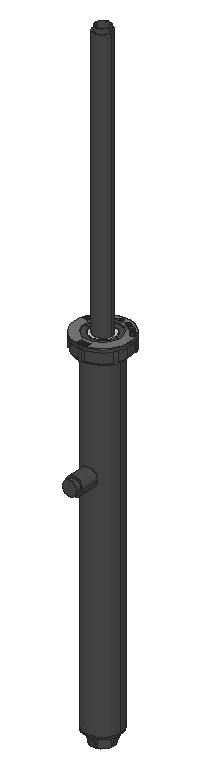
Revit family "Spray Bodies RD1800-S-P-30 Series", category Acessórios do tubo, Revit 2020
Family settings
  Cota do conector redondo = Utilizar diâmetro
  Tipo de parte = Normal
  Número OmniClass = 23.60.30.11.14
  Título OmniClass = Pipework Fittings
  Com base no plano de trabalho = Não
  Sempre na vertical = Sim
  Corte com vazios quando carregada = Não
  Compartilhado = Não
Parameters (values of type "RD1812-S-P-30")
  White Plastic = White Plastic
  URL = "https://www.rainbird.com/"
  SupportProjetos: Reviw Date = "15/11/2020"  # constant formula
  SupportProjetos: Reviw = "R01"  # constant formula
  SupportProjetos: Level of Detail = "LOD 300"  # constant formula
  SupportProjetos: Developed = "MICHEL SOARES MOTA"  # constant formula
  SupportProjetos: Creation Date = "13/07/2020"  # constant formula
  Side inlet = Model > 1805  # yes
  RainBird: Product Link = "https://store.rainbird.com/sprinklers/spray-heads.html?sprays_sprayheadseries=117"
  RainBird: Description = "Spray Bodies Serie ED1800 - Model RD1812-S-P-30"
  RainBird: Comment [instance] = ""
  RT = 0.3015 cm
  RN = 1 cm
  R5 = 1 cm
  R4 = 1.25 cm
  R3 = 2 cm
  R2 = 2.85 cm
  R1 = 1 cm
  R-VAN = yes
  Pop up height = 30.5 cm
  Pop up on [instance] = yes
  Modelo = "RD1812-S-P-P30"
  Model = 1812
  H1 = Body height / 3  # 13.5333 cm
  Elevação padrão = 0 cm
  Descrição = RainBird: Description  # "Spray Bodies Serie ED1800 - Model RD1812-S-P-30"
  DT8 = 0.08 cm
  DT7 = 3.05 cm
  DT6 = 2 cm
  DT5 = 0.12 cm
  DT4 = 0.5 cm
  DT3 = 0.7973 cm
  DT2 = 1 cm
  DT1 = 1.4 cm
  DD9 = 2 cm
  DD8 [instance] = if(Pop up on, Pop up height, 0 cm)  # 30.5 cm
  DD7 = 0.6 cm
  DD6 = 0.3 cm
  DD5 = 0.2 cm
  DD3 = 1.8 cm
  DD2 = 0.5 cm
  DD13 = 1.5 cm
  DD12 [instance] = if(Pop up on, Pop up height + 1.51 cm, 0 cm)  # 32.01 cm
  DD11 = 0.6254 cm
  DD10 = 2.5 cm
  DD1 = 1.2 cm
  Conection = 1.91 cm  # constant formula
  Body height = 40.6 cm
  Black Plastic 2 = Black Plastic 2
  Black Plastic = Black Plastic
  Arch Angle [instance] = 180.00°
  AA1 = 135.00°
  1812 = yes
  1806 = no
  1804 = no
  180 = no
Types (4, lengths in cm): name | Side inlet | RainBird: Description | Pop up height | Modelo | Model | H1 | Descrição | DD9 | DD8 | DD12 | DD11 | DD10 | Body height | 1812 | 1806 | 1804 | 180
  (no name) | yes | "Spray Bodies Serie ED1800 - Model RD1812-S-P-30" | 30.5 | "RD1812-S-P-P30" | 1812 | 13.5333 | "Spray Bodies Serie ED1800 - Model RD1812-S-P-30" | 2 | 30.5 | 32.01 | 0.6254 | 2.5 | 40.6 | yes | no | no | no
  RD1804-S-P-30 | no | "Spray Bodies Serie RD1800 - Model RD1804-S-P-30" | 10.2 | "RD1804-S-P-30" | 1804 | 5.0667 | "Spray Bodies Serie RD1800 - Model RD1804-S-P-30" | 1.3673 | 10.2 | 11.71 | 0.2 | 2.7818 | 15.2 | no | no | yes | yes
  RD1806-S-P-30 | yes | "Spray Bodies Serie RD1800 - Model RD1806-S-P-30" | 15.2 | "RD1806-S-P-30" | 1806 | 7.9333 | "Spray Bodies Serie RD1800 - Model RD1806-S-P-30" | 1.3673 | 15.2 | 16.71 | 0.1 | 2.7818 | 23.8 | no | yes | no | yes
  RD1812-S-P-30 | yes | "Spray Bodies Serie ED1800 - Model RD1812-S-P-30" | 30.5 | "RD1812-S-P-P30" | 1812 | 13.5333 | "Spray Bodies Serie ED1800 - Model RD1812-S-P-30" | 2 | 30.5 | 32.01 | 0.6254 | 2.5 | 40.6 | yes | no | no | no
Reference planes (cm)
  plane 1 "Centro (Frente/Trás)": y = 0
  plane 2: z = 0
  plane 3 "Centro (Esquerda/Direita)": x = 0
  plane 4: z = 0.12
  plane 5: z = 0.08
  plane 6: y = -2
Forms (cm)
  Revolve 1, solid, material "Black Plastic" <- "Black Plastic"
    sketch origin (0, 0, 0) x (1, 0, 0) y (0, 0, 1)
      loop
        line (2.85, -1.5672) -> (2.85, -0.3) -> (3.05, -0.3) -> (3.05, 0) -> (1.4, 0) -> (1.4, -1) -> (1, -1) -> (1, -30.5) -> (0.6, -30.5) -> (0.6, -39.4) -> (1, -39.4) -> (1, -40.6) -> (1.25, -40.6) -> (1.25, -39.4) -> (1.6985, -39.4)
        arc (1.6985, -39.4) -> (1.9117, -39.3117) -> (2, -39.0985) r 0.3015
        line (2, -39.0985) -> (2, -2.1015)
        arc (2, -2.1015) -> (2.0883, -1.8883) -> (2.3015, -1.8) r 0.3015
        line (2.3015, -1.8) -> (2.6172, -1.8) -> (2.85, -1.5672)
      axis (0, -40.6) -> (0, 0)
    angle from 0 to 360
  Extrusion 2, solid, material "Black Plastic" <- "Black Plastic"
    sketch origin (0, 0, 0) x (1, 0, 0) y (0, 1, 0)
      loop
        circle (0, 0) r 1
    from -30.5 to 30.5
  Extrusion 3, void
    sketch origin (0, 0, 0) x (1, 0, 0) y (0, 1, 0)
      loop
        circle (0, 0) r 1
      loop
        circle (0, 0) r 0.7973
    from 30 to 30.5
  Extrusion 4, solid, material "Black Plastic" <- "Black Plastic", visible <- "180"
    sketch origin (0, -2.5, 0) x (1, 0, 0) y (0, 1, 0)
      loop
        line (-2.231, 3.2135) -> (-2.1644, 3.3339) -> (-2.3679, 3.3844) -> (-2.2992, 3.5085) -> (-2.0365, 3.4904) -> (-1.9715, 3.608) -> (-2.2887, 3.6298) -> (-2.4263, 3.706) -> (-2.6398, 3.6445) -> (-2.8298, 3.3622) -> (-2.231, 3.2135)
      loop
        line (-2.6663, 3.4585) -> (-2.4339, 3.4008) -> (-2.3526, 3.5478) -> (-2.4178, 3.6107) -> (-2.5587, 3.5701) -> (-2.6663, 3.4585)
      loop
        line (-1.9163, 3.7039) -> (-1.8175, 3.8064) -> (-1.8808, 3.8933) -> (-1.7232, 4.0568) -> (-1.6371, 4.0092) -> (-1.5763, 4.1193) -> (-2.1283, 4.1963) -> (-2.2118, 4.1098) -> (-1.9163, 3.7039)
      loop
        line (-2.0723, 4.0915) -> (-1.9537, 3.9286) -> (-1.8139, 4.0736) -> (-2.0723, 4.0915)
      loop
        line (-1.8177, 4.5186) -> (-1.3486, 4.2146) -> (-1.2727, 4.2934) -> (-1.7417, 4.5974) -> (-1.8177, 4.5186)
      loop
        line (-1.1151, 4.372) -> (-1.0305, 4.4599) -> (-1.2636, 4.6846) -> (-0.7593, 4.6142) -> (-0.6667, 4.7103) -> (-1.0803, 5.0567) -> (-1.1605, 4.9984) -> (-0.8466, 4.7354) -> (-1.4131, 4.8145) -> (-1.5049, 4.7477) -> (-1.1151, 4.372)
      loop
        line (-0.4562, 4.9237) -> (-0.283, 4.8466) -> (-0.0843, 4.7934) -> (0, 4.9138) -> (0.2358, 4.8722) -> (0.2981, 4.9345) -> (0.116, 5.0156) -> (0.2085, 5.1477) -> (-0.0336, 5.3172) -> (-0.0336, 5.1849) -> (-0.0336, 5.0821) -> (-0.1724, 5.1439) -> (-0.2428, 5.1033) -> (-0.1476, 5.0081) -> (-0.274, 4.9621) -> (-0.4562, 4.9237)
      loop
        line (0.6147, 4.7728) -> (0.9327, 4.5929) -> (1.0885, 4.5721) -> (1.1808, 4.6694) -> (1.1317, 4.7723) -> (1.2619, 4.7549) -> (1.334, 4.8309) -> (1.2754, 4.9539) -> (0.9573, 5.1338) -> (0.6147, 4.7728)
      loop
        line (0.8462, 4.8897) -> (0.7501, 4.7884) -> (0.9556, 4.6722) -> (1.0744, 4.6732) -> (1.0734, 4.7801) -> (0.8462, 4.8897)
      loop
        line (0.9989, 5.0507) -> (0.9222, 4.9699) -> (1.1173, 4.8595) -> (1.2037, 4.8602) -> (1.1883, 4.9435) -> (0.9989, 5.0507)
      loop
        line (1.2199, 4.4305) -> (1.3171, 4.3754) -> (1.7079, 4.7092) -> (1.6106, 4.7642) -> (1.2199, 4.4305)
      loop
        line (1.9335, 4.5079) -> (1.472, 4.2878) -> (1.5637, 4.2008) -> (1.7245, 4.2775) -> (1.8813, 4.1484) -> (1.7689, 4.0299) -> (1.857, 3.9063) -> (1.985, 3.9976) -> (2.0031, 4.1334) -> (2.1114, 4.0951) -> (2.2369, 4.155) -> (2.156, 4.3246) -> (1.9335, 4.5079)
      loop
        line (1.9261, 4.4053) -> (1.8225, 4.3559) -> (1.9436, 4.2141) -> (2.1112, 4.2155) -> (2.0556, 4.3321) -> (1.9261, 4.4053)
      loop
        line (1.9557, 3.8215) -> (2.1968, 3.4836) -> (2.3925, 3.4143) -> (2.7137, 3.5675) -> (2.6804, 3.6964) -> (2.4921, 3.9603) -> (1.9557, 3.8215)
      loop
        line (2.1302, 3.7523) -> (2.2577, 3.5736) -> (2.4889, 3.5756) -> (2.5959, 3.652) -> (2.4629, 3.8384) -> (2.1302, 3.7523)
      loop
        line (-0.516, -0.0627) -> (-0.4245, -0.0627) -> (-0.4245, -0.3834) -> (-0.3366, -0.3834) -> (-0.3366, 0.1166) -> (-0.516, -0.0627)
      loop
        line (-0.2745, 0.1165) -> (-0.2745, -0.3834) -> (-0.0345, -0.3834) -> (-0.0345, 0.1165) -> (-0.2745, 0.1165)
      loop
        line (-0.1945, 0.0365) -> (-0.1945, -0.0861) -> (-0.1145, -0.0861) -> (-0.1145, 0.0365) -> (-0.1945, 0.0365)
      loop
        line (-0.1945, -0.1661) -> (-0.1945, -0.3034) -> (-0.1145, -0.3034) -> (-0.1145, -0.1661) -> (-0.1945, -0.1661)
      loop
        line (0.0395, 0.1165) -> (0.0395, -0.3834) -> (0.2795, -0.3834) -> (0.2795, 0.1165) -> (0.0395, 0.1165)
      loop
        line (0.1195, 0.0365) -> (0.1195, -0.3034) -> (0.1995, -0.3034) -> (0.1995, 0.0365) -> (0.1195, 0.0365)
    from 0 to 0.12
  Extrusion 5, solid, material "Black Plastic 2" <- "Black Plastic 2"
    sketch origin (0, 0, 0) x (1, 0, 0) y (0, 1, 0)
      loop
        circle (0, 0) r 3.05
      loop
        circle (0, 0) r 2
    from 0 to 0.08
  Extrusion 6, solid, material "Black Plastic" <- "Black Plastic", visible <- "Side inlet"
    sketch origin (0, 0, 0) x (1, 0, 0) y (0, 0, 1)
      loop
        circle (0, -13.5333) r 1
    from 2 to 4
  Extrusion 7, solid, material "Black Plastic" <- "Black Plastic", visible <- "Side inlet"
    sketch origin (0, 0, 0) x (1, 0, 0) y (0, 0, 1)
      loop
        circle (0, -13.5333) r 0.7964
    from 4 to 4.5
  Extrusion 8, void
    sketch origin (0, 0, 0) x (1, 0, 0) y (0, 1, 0)
      loop
        circle (0, 0) r 0.6963
    from -30.5 to 30.5
  Extrusion 9, solid, material "Black Plastic" <- "Black Plastic"
    sketch origin (0, 0, 0) x (0, 1, 0) y (0, 0, 1)
      loop
        line (1.25, -39.4) -> (1.25, -40.6) -> (1.75, -39.4) -> (1.25, -39.4)
      loop
        line (-1.25, -39.4) -> (-1.75, -39.4) -> (-1.25, -40.6) -> (-1.25, -39.4)
    from -0.3127 to 0.3127
  Extrusion 10, solid, material "Black Plastic" <- "Black Plastic"
    sketch origin (0, 0, 0) x (-1, 0, 0) y (0, 0, 1)
      loop
        line (1.25, -39.4) -> (1.25, -40.6) -> (1.75, -39.4) -> (1.25, -39.4)
      loop
        line (-1.25, -39.4) -> (-1.75, -39.4) -> (-1.25, -40.6) -> (-1.25, -39.4)
    from -0.3127 to 0.3127
  Extrusion 11, solid, material "Black Plastic" <- "Black Plastic", visible <- "1804"
    sketch origin (0.5778, -2.5, 0) x (1, 0, 0) y (0, 1, 0)
      loop
        line (-0.268, -0.156) -> (-0.108, -0.156) -> (-0.108, -0.3834) -> (-0.024, -0.3834) -> (-0.024, 0.1165) -> (-0.108, 0.1165) -> (-0.108, -0.0861) -> (-0.188, -0.0861) -> (-0.188, 0.1165) -> (-0.268, 0.1165) -> (-0.268, -0.156)
    from 0 to 0.12
  Extrusion 12, solid, material "Black Plastic" <- "Black Plastic", visible <- "1806"
    sketch origin (0.5778, -2.5, 0) x (1, 0, 0) y (0, 1, 0)
      loop
        line (-0.268, -0.3834) -> (-0.024, -0.3834) -> (-0.024, -0.0861) -> (-0.188, -0.0861) -> (-0.188, 0.0365) -> (-0.024, 0.0365) -> (-0.024, 0.1165) -> (-0.268, 0.1165) -> (-0.268, -0.3834)
      loop
        line (-0.188, -0.1661) -> (-0.188, -0.3034) -> (-0.108, -0.3034) -> (-0.108, -0.1661) -> (-0.188, -0.1661)
    from 0 to 0.12
  Extrusion 13, solid, material "Black Plastic" <- "Black Plastic", visible <- "1812"
    sketch origin (0, -2.5, 0) x (1, 0, 0) y (0, 1, 0)
      loop
        line (-2.231, 3.2135) -> (-2.1644, 3.3339) -> (-2.3679, 3.3844) -> (-2.2992, 3.5085) -> (-2.0365, 3.4904) -> (-1.9715, 3.608) -> (-2.2887, 3.6298) -> (-2.4263, 3.706) -> (-2.6398, 3.6445) -> (-2.8298, 3.3622) -> (-2.231, 3.2135)
      loop
        line (-2.6663, 3.4585) -> (-2.4339, 3.4008) -> (-2.3526, 3.5478) -> (-2.4178, 3.6107) -> (-2.5587, 3.5701) -> (-2.6663, 3.4585)
      loop
        line (-1.9163, 3.7039) -> (-1.8175, 3.8064) -> (-1.8808, 3.8933) -> (-1.7232, 4.0568) -> (-1.6371, 4.0092) -> (-1.5763, 4.1193) -> (-2.1283, 4.1963) -> (-2.2118, 4.1098) -> (-1.9163, 3.7039)
      loop
        line (-2.0723, 4.0915) -> (-1.9537, 3.9286) -> (-1.8139, 4.0736) -> (-2.0723, 4.0915)
      loop
        line (-1.8177, 4.5186) -> (-1.3486, 4.2146) -> (-1.2727, 4.2934) -> (-1.7417, 4.5974) -> (-1.8177, 4.5186)
      loop
        line (-1.1151, 4.372) -> (-1.0305, 4.4599) -> (-1.2636, 4.6846) -> (-0.7593, 4.6142) -> (-0.6667, 4.7103) -> (-1.0803, 5.0567) -> (-1.1605, 4.9984) -> (-0.8466, 4.7354) -> (-1.4131, 4.8145) -> (-1.5049, 4.7477) -> (-1.1151, 4.372)
      loop
        line (-0.4562, 4.9237) -> (-0.283, 4.8466) -> (-0.0843, 4.7934) -> (0, 4.9138) -> (0.2358, 4.8722) -> (0.2981, 4.9345) -> (0.116, 5.0156) -> (0.2085, 5.1477) -> (-0.0336, 5.3172) -> (-0.0336, 5.1849) -> (-0.0336, 5.0821) -> (-0.1724, 5.1439) -> (-0.2428, 5.1033) -> (-0.1476, 5.0081) -> (-0.274, 4.9621) -> (-0.4562, 4.9237)
      loop
        line (0.6147, 4.7728) -> (0.9327, 4.5929) -> (1.0885, 4.5721) -> (1.1808, 4.6694) -> (1.1317, 4.7723) -> (1.2619, 4.7549) -> (1.334, 4.8309) -> (1.2754, 4.9539) -> (0.9573, 5.1338) -> (0.6147, 4.7728)
      loop
        line (0.8462, 4.8897) -> (0.7501, 4.7884) -> (0.9556, 4.6722) -> (1.0744, 4.6732) -> (1.0734, 4.7801) -> (0.8462, 4.8897)
      loop
        line (0.9989, 5.0507) -> (0.9222, 4.9699) -> (1.1173, 4.8595) -> (1.2037, 4.8602) -> (1.1883, 4.9435) -> (0.9989, 5.0507)
      loop
        line (1.2199, 4.4305) -> (1.3171, 4.3754) -> (1.7079, 4.7092) -> (1.6106, 4.7642) -> (1.2199, 4.4305)
      loop
        line (1.9335, 4.5079) -> (1.472, 4.2878) -> (1.5637, 4.2008) -> (1.7245, 4.2775) -> (1.8813, 4.1484) -> (1.7689, 4.0299) -> (1.857, 3.9063) -> (1.985, 3.9976) -> (2.0031, 4.1334) -> (2.1114, 4.0951) -> (2.2369, 4.155) -> (2.156, 4.3246) -> (1.9335, 4.5079)
      loop
        line (1.9261, 4.4053) -> (1.8225, 4.3559) -> (1.9436, 4.2141) -> (2.1112, 4.2155) -> (2.0556, 4.3321) -> (1.9261, 4.4053)
      loop
        line (1.9557, 3.8215) -> (2.1968, 3.4836) -> (2.3925, 3.4143) -> (2.7137, 3.5675) -> (2.6804, 3.6964) -> (2.4921, 3.9603) -> (1.9557, 3.8215)
      loop
        line (2.1302, 3.7523) -> (2.2577, 3.5736) -> (2.4889, 3.5756) -> (2.5959, 3.652) -> (2.4629, 3.8384) -> (2.1302, 3.7523)
      loop
        line (-0.516, -0.0625) -> (-0.4245, -0.0625) -> (-0.4245, -0.3832) -> (-0.3366, -0.3832) -> (-0.3366, 0.1168) -> (-0.516, -0.0625)
      loop
        line (-0.2745, 0.1166) -> (-0.2745, -0.3832) -> (-0.0345, -0.3832) -> (-0.0345, 0.1166) -> (-0.2745, 0.1166)
      loop
        line (-0.1945, 0.0366) -> (-0.1945, -0.086) -> (-0.1145, -0.086) -> (-0.1145, 0.0366) -> (-0.1945, 0.0366)
      loop
        line (-0.1945, -0.166) -> (-0.1945, -0.3032) -> (-0.1145, -0.3032) -> (-0.1145, -0.166) -> (-0.1945, -0.166)
      loop
        line (0.2795, 0.1166) -> (0.1002, -0.0625) -> (0.1916, -0.0625) -> (0.1916, -0.3831) -> (0.2795, -0.3831) -> (0.2795, 0.1166)
      loop
        line (0.3097, 0.1165) -> (0.3097, 0.0365) -> (0.4697, 0.0365) -> (0.4697, -0.0861) -> (0.3097, -0.0861) -> (0.3097, -0.3834) -> (0.5537, -0.3834) -> (0.5537, -0.3032) -> (0.3897, -0.3032) -> (0.3897, -0.1664) -> (0.5537, -0.1664) -> (0.5537, 0.1165) -> (0.3097, 0.1165)
    from 0 to 0.12
  Extrusion 14, solid, material "Black Plastic" <- "Black Plastic"
    sketch origin (0, 0, 0) x (1, 0, 0) y (0, 1, 0)
      loop
        line (-0.1873, 3.0442) -> (-0.1873, 2.8126)
        arc (-0.1873, 2.8126) -> (0, 2.8188) -> (0.1873, 2.8126) r 2.8188
        line (0.1873, 2.8126) -> (0.1873, 3.0442)
        arc (0.1873, 3.0442) -> (0, 3.05) -> (-0.1873, 3.0442) r 3.05
      loop
        arc (-0.1873, -3.0442) -> (0, -3.05) -> (0.1873, -3.0442) r 3.05
        line (0.1873, -3.0442) -> (0.1873, -2.8126)
        arc (0.1873, -2.8126) -> (0, -2.8188) -> (-0.1873, -2.8126) r 2.8188
        line (-0.1873, -2.8126) -> (-0.1873, -3.0442)
      loop
        line (-2.73, 1.3599) -> (-2.5294, 1.2441)
        arc (-2.5294, 1.2441) -> (-2.4411, 1.4094) -> (-2.3421, 1.5685) r 2.8188
        line (-2.3421, 1.5685) -> (-2.5427, 1.6843)
        arc (-2.5427, 1.6843) -> (-2.6414, 1.525) -> (-2.73, 1.3599) r 3.05
      loop
        arc (2.5427, -1.6843) -> (2.6414, -1.525) -> (2.73, -1.3599) r 3.05
        line (2.73, -1.3599) -> (2.5294, -1.2441)
        arc (2.5294, -1.2441) -> (2.4411, -1.4094) -> (2.3421, -1.5685) r 2.8188
        line (2.3421, -1.5685) -> (2.5427, -1.6843)
      loop
        line (-2.5427, -1.6843) -> (-2.3421, -1.5685)
        arc (-2.3421, -1.5685) -> (-2.4411, -1.4094) -> (-2.5294, -1.2441) r 2.8188
        line (-2.5294, -1.2441) -> (-2.73, -1.3599)
        arc (-2.73, -1.3599) -> (-2.6414, -1.525) -> (-2.5427, -1.6843) r 3.05
      loop
        arc (2.73, 1.3599) -> (2.6414, 1.525) -> (2.5427, 1.6843) r 3.05
        line (2.5427, 1.6843) -> (2.3421, 1.5685)
        arc (2.3421, 1.5685) -> (2.4411, 1.4094) -> (2.5294, 1.2441) r 2.8188
        line (2.5294, 1.2441) -> (2.73, 1.3599)
    from -1.5672 to -0.3
Cuts and joins
  Extrusion 3, Extrusion 8 cuts Extrusion 2
Dimensions and locks (cm)
  "Body height": level to Revolve 1 sketch curve
  "R2": Revolve 1 sketch curve to plane 3 "Centro (Esquerda/Direita)"
  "DD1": Revolve 1 sketch curve to Revolve 1 sketch curve
  "DD3": level to Revolve 1 sketch curve
  "R3": Revolve 1 sketch curve to plane 3 "Centro (Esquerda/Direita)"
  "R4": Revolve 1 sketch curve to plane 3 "Centro (Esquerda/Direita)"
  "DD5": Revolve 1 sketch curve to Revolve 1 sketch curve
  "DD6": level to Revolve 1 sketch curve
  "RN": Revolve 1 sketch curve to plane 3 "Centro (Esquerda/Direita)"
  "Pop up height": level to Revolve 1 sketch curve
  "R5": plane 3 "Centro (Esquerda/Direita)" to Revolve 1 sketch curve
  "DD7": Revolve 1 sketch curve to plane 3 "Centro (Esquerda/Direita)"
  "DT1": plane 3 "Centro (Esquerda/Direita)" to Revolve 1 sketch curve
  "DT2": level to Revolve 1 sketch curve
  "DD8": Extrusion 2 to level
  "DT4": cut or joined group of Extrusion 2, Extrusion 3, Extrusion 8 to cut or joined group of Extrusion 2, Extrusion 3, Extrusion 8
  "DT5": plane 4 to level
  "DT8": plane 5 to level
  "H1": level to Extrusion 6 sketch curve
  "R3": plane 6 to plane 1 "Centro (Frente/Trás)"
  "DD9": Extrusion 6 to plane 6
  locked: Extrusion 7 to Extrusion 6 at 0.5
  "H1": level to Extrusion 7 sketch curve
  equal spacing: Extrusion 9, plane 3 "Centro (Esquerda/Direita)", Extrusion 9
  "DD11": Extrusion 9 to Extrusion 9
  equal spacing: Extrusion 10, plane 1 "Centro (Frente/Trás)", Extrusion 10
  "DD11": Extrusion 10 to Extrusion 10
  plane 3 "Centro (Esquerda/Direita)" to Extrusion 14 = 0.1873 cm
  "RT": radius of Revolve 1 sketch curve  (x2)
  "R1": radius of Extrusion 2 sketch curve
  "R1": radius of Extrusion 3 sketch curve
  "DT3": radius of Extrusion 3 sketch curve
  "DT6": radius of Extrusion 5 sketch curve
  "DT7": radius of Extrusion 5 sketch curve
  "AA1": angle Revolve 1 sketch curve to Revolve 1 sketch curve
  aligned and locked: level to plane 2
  aligned and locked: level to Revolve 1 sketch curve
  aligned and locked: Revolve 1 sketch curve to Revolve 1 sketch curve
  aligned and locked: Extrusion 2 to Revolve 1
  aligned and locked: cut or joined group of Extrusion 2, Extrusion 3, Extrusion 8 to cut or joined group of Extrusion 2, Extrusion 3, Extrusion 8  (x3)
  aligned and locked: Extrusion 4 to level
  aligned and locked: plane 4 to Extrusion 4
  aligned and locked: Extrusion 5 to level
  aligned and locked: plane 5 to Extrusion 5
  aligned and locked: plane 6 to Extrusion 6
  aligned and locked: Extrusion 7 to Extrusion 6
  aligned and locked: Extrusion 9 to Revolve 1
  aligned and locked: Extrusion 10 to Revolve 1
  aligned and locked: Revolve 1 to Extrusion 10
  aligned and locked: Revolve 1 to Extrusion 9
  aligned and locked: Revolve 1 to Extrusion 14  (x2)
Automatic sketch dimensions
  plane 1 "Centro (Frente/Trás)" to Extrusion 2 sketch curve = 0 cm
  Extrusion 2 sketch curve to plane 3 "Centro (Esquerda/Direita)" = 0 cm
  Extrusion 4 sketch curve to plane 3 "Centro (Esquerda/Direita)" = 0 cm
  Extrusion 4 sketch curve to plane 3 "Centro (Esquerda/Direita)" = 0.0336 cm
  Extrusion 4 sketch curve to plane 3 "Centro (Esquerda/Direita)" = 0.0345 cm
  Extrusion 4 sketch curve to plane 3 "Centro (Esquerda/Direita)" = 0.0843 cm
  Extrusion 4 sketch curve to plane 3 "Centro (Esquerda/Direita)" = 0.1145 cm
  Extrusion 4 sketch curve to Extrusion 4 sketch curve = 0.08 cm  (x11)
  Extrusion 4 sketch curve to Extrusion 4 sketch curve = 0.114 cm
  Extrusion 4 sketch curve to Extrusion 4 sketch curve = 0.0248 cm
  Extrusion 4 sketch curve to Extrusion 4 sketch curve = 0.0704 cm
  Extrusion 4 sketch curve to Extrusion 4 sketch curve = 0.1264 cm
  Extrusion 4 sketch curve to Extrusion 4 sketch curve = 0.009 cm
  Extrusion 4 sketch curve to Extrusion 4 sketch curve = 0.0622 cm  (x3)
  Extrusion 4 sketch curve to Extrusion 4 sketch curve = 0.0879 cm
  Extrusion 4 sketch curve to Extrusion 4 sketch curve = 0.1822 cm
  Extrusion 4 sketch curve to Extrusion 4 sketch curve = 0.0914 cm
  Extrusion 4 sketch curve to Extrusion 4 sketch curve = 0.2105 cm
  Extrusion 4 sketch curve to Extrusion 4 sketch curve = 0.0927 cm
  Extrusion 4 sketch curve to Extrusion 4 sketch curve = 0.0872 cm  (x2)
  Extrusion 4 sketch curve to Extrusion 4 sketch curve = 0.2711 cm
  Extrusion 4 sketch curve to Extrusion 4 sketch curve = 0.2338 cm
  Extrusion 4 sketch curve to Extrusion 4 sketch curve = 0.0847 cm  (x2)
  Extrusion 4 sketch curve to Extrusion 4 sketch curve = 0.0802 cm
  Extrusion 4 sketch curve to Extrusion 4 sketch curve = 0.2331 cm
  Extrusion 4 sketch curve to Extrusion 4 sketch curve = 0.1575 cm
  Extrusion 4 sketch curve to Extrusion 4 sketch curve = 0.0759 cm  (x2)
  Extrusion 4 sketch curve to Extrusion 4 sketch curve = 0.1495 cm
  Extrusion 4 sketch curve to Extrusion 4 sketch curve = 0.0917 cm  (x2)
  Extrusion 4 sketch curve to Extrusion 4 sketch curve = 0.2277 cm
  Extrusion 4 sketch curve to Extrusion 4 sketch curve = 0.0609 cm  (x2)
  Extrusion 4 sketch curve to Extrusion 4 sketch curve = 0.0861 cm
  Extrusion 4 sketch curve to Extrusion 4 sketch curve = 0.2369 cm
  Extrusion 4 sketch curve to Extrusion 4 sketch curve = 0.0907 cm
  Extrusion 4 sketch curve to Extrusion 4 sketch curve = 0.0037 cm
  Extrusion 4 sketch curve to Extrusion 4 sketch curve = 0.0633 cm
  Extrusion 4 sketch curve to Extrusion 4 sketch curve = 0.0988 cm
  Extrusion 4 sketch curve to Extrusion 4 sketch curve = 0.0729 cm
  Extrusion 4 sketch curve to Extrusion 4 sketch curve = 0.0551 cm
  Extrusion 4 sketch curve to plane 1 "Centro (Frente/Trás)" = 0.9904 cm
  Extrusion 4 sketch curve to Extrusion 4 sketch curve = 0.065 cm
  Extrusion 4 sketch curve to Extrusion 4 sketch curve = 0.1186 cm
  Extrusion 4 sketch curve to Extrusion 4 sketch curve = 0.056 cm
  Extrusion 4 sketch curve to plane 1 "Centro (Frente/Trás)" = 0.8339 cm
  Extrusion 4 sketch curve to Extrusion 4 sketch curve = 0.1279 cm
  Extrusion 4 sketch curve to Extrusion 4 sketch curve = 0.0835 cm
  Extrusion 4 sketch curve to plane 1 "Centro (Frente/Trás)" = 0.7135 cm
  Extrusion 4 sketch curve to Extrusion 4 sketch curve = 0.0666 cm  (x2)
  Extrusion 4 sketch curve to plane 1 "Centro (Frente/Trás)" = 1.1298 cm
  Extrusion 4 sketch curve to Extrusion 4 sketch curve = 0.2521 cm
  Extrusion 4 sketch curve to plane 1 "Centro (Frente/Trás)" = 1.0085 cm
  Extrusion 4 sketch curve to Extrusion 4 sketch curve = 0.0106 cm
  Extrusion 4 sketch curve to plane 1 "Centro (Frente/Trás)" = 1.0478 cm
  Extrusion 4 sketch curve to Extrusion 4 sketch curve = 0.0534 cm
  Extrusion 4 sketch curve to plane 1 "Centro (Frente/Trás)" = 0.8844 cm
  Extrusion 4 sketch curve to Extrusion 4 sketch curve = 0.0686 cm
  Extrusion 4 sketch curve to plane 1 "Centro (Frente/Trás)" = 1.1107 cm
  Extrusion 4 sketch curve to Extrusion 4 sketch curve = 0.0652 cm
  Extrusion 4 sketch curve to plane 1 "Centro (Frente/Trás)" = 1.206 cm
  Extrusion 4 sketch curve to Extrusion 4 sketch curve = 0.0084 cm
  Extrusion 4 sketch curve to plane 1 "Centro (Frente/Trás)" = 0.9008 cm
  Extrusion 4 sketch curve to Extrusion 4 sketch curve = 0.066 cm
  Extrusion 4 sketch curve to plane 1 "Centro (Frente/Trás)" = 1.0701 cm
  Extrusion 4 sketch curve to Extrusion 4 sketch curve = 0.1408 cm
  Extrusion 4 sketch curve to plane 1 "Centro (Frente/Trás)" = 1.1445 cm
  Extrusion 4 sketch curve to Extrusion 4 sketch curve = 0.0811 cm  (x2)
  Extrusion 4 sketch curve to plane 1 "Centro (Frente/Trás)" = 0.9585 cm
  Extrusion 4 sketch curve to Extrusion 4 sketch curve = 0.1076 cm
  Extrusion 4 sketch curve to plane 1 "Centro (Frente/Trás)" = 0.8622 cm
  Extrusion 4 sketch curve to Extrusion 4 sketch curve = 0.1635 cm
  plane 3 "Centro (Esquerda/Direita)" to Extrusion 4 sketch curve = 0.0395 cm
  plane 3 "Centro (Esquerda/Direita)" to Extrusion 4 sketch curve = 0.116 cm
  Extrusion 4 sketch curve to Extrusion 4 sketch curve = 0.0925 cm
  Extrusion 4 sketch curve to Extrusion 4 sketch curve = 0.1199 cm
  Extrusion 4 sketch curve to Extrusion 4 sketch curve = 0.3166 cm
  Extrusion 4 sketch curve to Extrusion 4 sketch curve = 0.1353 cm
  Extrusion 4 sketch curve to Extrusion 4 sketch curve = 0.0961 cm  (x2)
  Extrusion 4 sketch curve to Extrusion 4 sketch curve = 0.076 cm  (x2)
  Extrusion 4 sketch curve to Extrusion 4 sketch curve = 0.1827 cm
  Extrusion 4 sketch curve to Extrusion 4 sketch curve = 0.0229 cm
  Extrusion 4 sketch curve to Extrusion 4 sketch curve = 0.0351 cm
  Extrusion 4 sketch curve to Extrusion 4 sketch curve = 0.0416 cm
  Extrusion 4 sketch curve to Extrusion 4 sketch curve = 0.1178 cm
  Extrusion 4 sketch curve to Extrusion 4 sketch curve = 0.0009 cm
  Extrusion 4 sketch curve to Extrusion 4 sketch curve = 0.0141 cm
  Extrusion 4 sketch curve to Extrusion 4 sketch curve = 0.0439 cm
  Extrusion 4 sketch curve to Extrusion 4 sketch curve = 0.0583 cm
  Extrusion 4 sketch curve to Extrusion 4 sketch curve = 0.1064 cm
  Extrusion 4 sketch curve to Extrusion 4 sketch curve = 0.071 cm
  Extrusion 4 sketch curve to Extrusion 4 sketch curve = 0.0154 cm
  Extrusion 4 sketch curve to Extrusion 4 sketch curve = 0.1314 cm
  Extrusion 4 sketch curve to Extrusion 4 sketch curve = 0.0871 cm
  Extrusion 4 sketch curve to Extrusion 4 sketch curve = 0.0973 cm  (x3)
  Extrusion 4 sketch curve to Extrusion 4 sketch curve = 0.0721 cm
  Extrusion 4 sketch curve to Extrusion 4 sketch curve = 0.1549 cm
  Extrusion 4 sketch curve to Extrusion 4 sketch curve = 0.2766 cm
  Extrusion 4 sketch curve to Extrusion 4 sketch curve = 0.1608 cm
  Extrusion 4 sketch curve to Extrusion 4 sketch curve = 0.0443 cm
  Extrusion 4 sketch curve to Extrusion 4 sketch curve = 0.098 cm
  Extrusion 4 sketch curve to Extrusion 4 sketch curve = 0.0882 cm
  Extrusion 4 sketch curve to Extrusion 4 sketch curve = 0.1125 cm
  Extrusion 4 sketch curve to Extrusion 4 sketch curve = 0.1036 cm
  Extrusion 4 sketch curve to Extrusion 4 sketch curve = 0.0073 cm
  Extrusion 4 sketch curve to Extrusion 4 sketch curve = 0.0623 cm
  Extrusion 4 sketch curve to Extrusion 4 sketch curve = 0.0987 cm
  Extrusion 4 sketch curve to Extrusion 4 sketch curve = 0.128 cm
  Extrusion 4 sketch curve to Extrusion 4 sketch curve = 0.0595 cm
  Extrusion 4 sketch curve to Extrusion 4 sketch curve = 0.1295 cm
  Extrusion 4 sketch curve to Extrusion 4 sketch curve = 0.0556 cm
  Extrusion 4 sketch curve to Extrusion 4 sketch curve = 0.1083 cm
  Extrusion 4 sketch curve to Extrusion 4 sketch curve = 0.1745 cm
  Extrusion 4 sketch curve to Extrusion 4 sketch curve = 0.1004 cm
  Extrusion 4 sketch curve to plane 1 "Centro (Frente/Trás)" = 0.9836 cm
  Extrusion 4 sketch curve to Extrusion 4 sketch curve = 0.1255 cm
  Extrusion 4 sketch curve to plane 1 "Centro (Frente/Trás)" = 1.0736 cm
  Extrusion 4 sketch curve to plane 1 "Centro (Frente/Trás)" = 0.9143 cm
  Extrusion 4 sketch curve to Extrusion 4 sketch curve = 0.1957 cm
  Extrusion 4 sketch curve to Extrusion 4 sketch curve = 0.2053 cm
  Extrusion 4 sketch curve to plane 1 "Centro (Frente/Trás)" = 1.0756 cm
  Extrusion 4 sketch curve to Extrusion 4 sketch curve = 0.0964 cm
  Extrusion 4 sketch curve to Extrusion 4 sketch curve = 0.0292 cm
  Extrusion 4 sketch curve to plane 1 "Centro (Frente/Trás)" = 1.152 cm
  Extrusion 4 sketch curve to Extrusion 4 sketch curve = 0.107 cm
  Extrusion 4 sketch curve to plane 1 "Centro (Frente/Trás)" = 1.1964 cm
  Extrusion 4 sketch curve to Extrusion 4 sketch curve = 0.0844 cm
  Extrusion 4 sketch curve to plane 1 "Centro (Frente/Trás)" = 1.0675 cm
  Extrusion 4 sketch curve to Extrusion 4 sketch curve = 0.0333 cm
  Extrusion 4 sketch curve to plane 6 = 0.3834 cm
  Extrusion 4 sketch curve to Extrusion 4 sketch curve = 0.0001 cm
  Extrusion 4 sketch curve to Extrusion 4 sketch curve = 0 cm  (x4)
  Extrusion 4 sketch curve to Extrusion 4 sketch curve = 0.1793 cm
  Extrusion 4 sketch curve to Extrusion 4 sketch curve = 0.1226 cm
  Extrusion 4 sketch curve to Extrusion 4 sketch curve = 0.1372 cm
  Extrusion 4 sketch curve to Extrusion 4 sketch curve = 0.1176 cm
  Extrusion 4 sketch curve to Extrusion 4 sketch curve = 0.096 cm
  Extrusion 4 sketch curve to Extrusion 4 sketch curve = 0.1787 cm
  Extrusion 4 sketch curve to Extrusion 4 sketch curve = 0.1025 cm
  Extrusion 4 sketch curve to Extrusion 4 sketch curve = 0.0692 cm
  Extrusion 4 sketch curve to Extrusion 4 sketch curve = 0.0869 cm
  Extrusion 4 sketch curve to Extrusion 4 sketch curve = 0.0353 cm
  Extrusion 4 sketch curve to Extrusion 4 sketch curve = 0.1219 cm
  Extrusion 4 sketch curve to Extrusion 4 sketch curve = 0.0913 cm
  Extrusion 4 sketch curve to Extrusion 4 sketch curve = 0.1159 cm
  Extrusion 4 sketch curve to Extrusion 4 sketch curve = 0.0476 cm
  Extrusion 4 sketch curve to Extrusion 4 sketch curve = 0.0168 cm
  Extrusion 4 sketch curve to Extrusion 4 sketch curve = 0.1629 cm
  Extrusion 4 sketch curve to Extrusion 4 sketch curve = 0.0975 cm
  Extrusion 4 sketch curve to Extrusion 4 sketch curve = 0.0183 cm
  Extrusion 4 sketch curve to Extrusion 4 sketch curve = 0.0383 cm
  Extrusion 4 sketch curve to Extrusion 4 sketch curve = 0.015 cm
  Extrusion 4 sketch curve to Extrusion 4 sketch curve = 0.0599 cm
  Extrusion 4 sketch curve to Extrusion 4 sketch curve = 0.1049 cm
  Extrusion 4 sketch curve to Extrusion 4 sketch curve = 0.1709 cm
  Extrusion 4 sketch curve to Extrusion 4 sketch curve = 0.0657 cm
  Extrusion 4 sketch curve to Extrusion 4 sketch curve = 0.0953 cm
  Extrusion 4 sketch curve to Extrusion 4 sketch curve = 0.1091 cm
  Extrusion 4 sketch curve to Extrusion 4 sketch curve = 0.0767 cm
  Extrusion 4 sketch curve to Extrusion 4 sketch curve = 0.087 cm
  Extrusion 4 sketch curve to Extrusion 4 sketch curve = 0.0788 cm  (x3)
  Extrusion 4 sketch curve to Extrusion 4 sketch curve = 0.0074 cm
  Extrusion 4 sketch curve to Extrusion 4 sketch curve = 0.0783 cm
  Extrusion 4 sketch curve to Extrusion 4 sketch curve = 0.0787 cm
  Extrusion 4 sketch curve to Extrusion 4 sketch curve = 0.0876 cm
  Extrusion 4 sketch curve to Extrusion 4 sketch curve = 0.0494 cm
  Extrusion 4 sketch curve to Extrusion 4 sketch curve = 0.055 cm  (x2)
  Extrusion 4 sketch curve to Extrusion 4 sketch curve = 0.0878 cm
  Extrusion 4 sketch curve to Extrusion 4 sketch curve = 0.1026 cm
  Extrusion 4 sketch curve to Extrusion 4 sketch curve = 0.2291 cm
  Extrusion 4 sketch curve to Extrusion 4 sketch curve = 0.1417 cm
  Extrusion 4 sketch curve to Extrusion 4 sketch curve = 0.0208 cm
  Extrusion 4 sketch curve to Extrusion 4 sketch curve = 0.1543 cm
  Extrusion 4 sketch curve to Extrusion 4 sketch curve = 0.0792 cm
  Extrusion 4 sketch curve to Extrusion 4 sketch curve = 0.1011 cm
  Extrusion 4 sketch curve to Extrusion 4 sketch curve = 0.2013 cm
  Extrusion 4 sketch curve to Extrusion 4 sketch curve = 0.1212 cm
  Extrusion 4 sketch curve to Extrusion 4 sketch curve = 0.0855 cm
  Extrusion 4 sketch curve to Extrusion 4 sketch curve = 0.0078 cm
  Extrusion 4 sketch curve to Extrusion 4 sketch curve = 0.1007 cm
  Extrusion 4 sketch curve to Extrusion 4 sketch curve = 0.0156 cm
  Extrusion 4 sketch curve to Extrusion 4 sketch curve = 0.0831 cm
  Extrusion 4 sketch curve to Extrusion 4 sketch curve = 0.0668 cm
  Extrusion 4 sketch curve to Extrusion 4 sketch curve = 0.0532 cm
  Extrusion 4 sketch curve to Extrusion 4 sketch curve = 0.0008 cm
  Extrusion 4 sketch curve to Extrusion 4 sketch curve = 0.1013 cm
  Extrusion 4 sketch curve to Extrusion 4 sketch curve = 0.1204 cm
  Extrusion 4 sketch curve to Extrusion 4 sketch curve = 0.0771 cm
  Extrusion 4 sketch curve to Extrusion 4 sketch curve = 0.0832 cm  (x2)
  Extrusion 4 sketch curve to Extrusion 4 sketch curve = 0.0104 cm
  Extrusion 4 sketch curve to Extrusion 4 sketch curve = 0.1155 cm
  Extrusion 4 sketch curve to Extrusion 4 sketch curve = 0.0801 cm
  Extrusion 4 sketch curve to Extrusion 4 sketch curve = 0.1839 cm
  Extrusion 4 sketch curve to Extrusion 4 sketch curve = 0.046 cm
  Extrusion 4 sketch curve to Extrusion 4 sketch curve = 0.1018 cm
  Extrusion 4 sketch curve to Extrusion 4 sketch curve = 0.0808 cm
  Extrusion 4 sketch curve to Extrusion 4 sketch curve = 0.0584 cm
  Extrusion 4 sketch curve to Extrusion 4 sketch curve = 0.074 cm
  Extrusion 4 sketch curve to Extrusion 4 sketch curve = 0.0952 cm
  Extrusion 4 sketch curve to Extrusion 4 sketch curve = 0.0406 cm
  Extrusion 4 sketch curve to Extrusion 4 sketch curve = 0.1321 cm
  Extrusion 4 sketch curve to Extrusion 4 sketch curve = 0.1028 cm
  plane 1 "Centro (Frente/Trás)" to Extrusion 8 sketch curve = 0 cm
  Extrusion 8 sketch curve to plane 3 "Centro (Esquerda/Direita)" = 0 cm
  plane 6 to Extrusion 9 sketch curve = 0.25 cm
  plane 6 to Extrusion 9 sketch curve = 0.75 cm
  Extrusion 9 sketch curve to plane 1 "Centro (Frente/Trás)" = 1.25 cm
  Extrusion 9 sketch curve to Extrusion 9 sketch curve = 0.5 cm
  Extrusion 9 sketch curve to level = 40.6 cm
  Extrusion 9 sketch curve to Extrusion 9 sketch curve = 0 cm
  Extrusion 9 sketch curve to Extrusion 9 sketch curve = 1.2 cm  (x2)
  plane 3 "Centro (Esquerda/Direita)" to Extrusion 10 sketch curve = 1.75 cm
  plane 3 "Centro (Esquerda/Direita)" to Extrusion 10 sketch curve = 1.25 cm
  Extrusion 10 sketch curve to plane 3 "Centro (Esquerda/Direita)" = 1.25 cm
  Extrusion 10 sketch curve to Extrusion 10 sketch curve = 0.5 cm
  Extrusion 10 sketch curve to level = 40.6 cm
  Extrusion 10 sketch curve to Extrusion 10 sketch curve = 0 cm
  Extrusion 10 sketch curve to Extrusion 10 sketch curve = 1.2 cm  (x2)
  plane 3 "Centro (Esquerda/Direita)" to Extrusion 11 sketch curve = 0.3097 cm
  Extrusion 11 sketch curve to Extrusion 11 sketch curve = 0.08 cm  (x2)
  Extrusion 11 sketch curve to Extrusion 11 sketch curve = 0 cm  (x2)
  Extrusion 11 sketch curve to Extrusion 11 sketch curve = 0.084 cm
  Extrusion 11 sketch curve to plane 6 = 0.8834 cm
  Extrusion 11 sketch curve to Extrusion 11 sketch curve = 0.2273 cm
  Extrusion 11 sketch curve to Extrusion 11 sketch curve = 0.0699 cm
  Extrusion 11 sketch curve to Extrusion 11 sketch curve = 0.2026 cm
  plane 3 "Centro (Esquerda/Direita)" to Extrusion 12 sketch curve = 0.3097 cm
  Extrusion 12 sketch curve to Extrusion 12 sketch curve = 0.08 cm  (x6)
  Extrusion 12 sketch curve to Extrusion 12 sketch curve = 0.084 cm
  Extrusion 12 sketch curve to Extrusion 12 sketch curve = 0.164 cm
  Extrusion 12 sketch curve to plane 6 = 0.8834 cm
  Extrusion 12 sketch curve to Extrusion 12 sketch curve = 0.1372 cm
  Extrusion 12 sketch curve to Extrusion 12 sketch curve = 0.1226 cm
  Extrusion 13 sketch curve to plane 3 "Centro (Esquerda/Direita)" = 0 cm
  Extrusion 13 sketch curve to plane 3 "Centro (Esquerda/Direita)" = 0.0336 cm
  Extrusion 13 sketch curve to plane 3 "Centro (Esquerda/Direita)" = 0.0345 cm
  Extrusion 13 sketch curve to plane 3 "Centro (Esquerda/Direita)" = 0.0843 cm
  Extrusion 13 sketch curve to plane 3 "Centro (Esquerda/Direita)" = 0.1145 cm
  Extrusion 13 sketch curve to Extrusion 13 sketch curve = 0 cm  (x2)
  Extrusion 13 sketch curve to Extrusion 13 sketch curve = 0.114 cm
  Extrusion 13 sketch curve to Extrusion 13 sketch curve = 0.0248 cm
  Extrusion 13 sketch curve to Extrusion 13 sketch curve = 0.08 cm  (x8)
  Extrusion 13 sketch curve to Extrusion 13 sketch curve = 0.0704 cm
  Extrusion 13 sketch curve to Extrusion 13 sketch curve = 0.1264 cm
  Extrusion 13 sketch curve to Extrusion 13 sketch curve = 0.009 cm
  Extrusion 13 sketch curve to Extrusion 13 sketch curve = 0.0622 cm  (x3)
  Extrusion 13 sketch curve to Extrusion 13 sketch curve = 0.0879 cm  (x2)
  Extrusion 13 sketch curve to Extrusion 13 sketch curve = 0.1822 cm
  Extrusion 13 sketch curve to Extrusion 13 sketch curve = 0.0914 cm
  Extrusion 13 sketch curve to Extrusion 13 sketch curve = 0.2105 cm
  Extrusion 13 sketch curve to Extrusion 13 sketch curve = 0.0927 cm
  Extrusion 13 sketch curve to Extrusion 13 sketch curve = 0.0872 cm  (x2)
  Extrusion 13 sketch curve to Extrusion 13 sketch curve = 0.2711 cm
  Extrusion 13 sketch curve to Extrusion 13 sketch curve = 0.2338 cm
  Extrusion 13 sketch curve to Extrusion 13 sketch curve = 0.0847 cm  (x2)
  Extrusion 13 sketch curve to Extrusion 13 sketch curve = 0.0802 cm
  Extrusion 13 sketch curve to Extrusion 13 sketch curve = 0.2331 cm
  Extrusion 13 sketch curve to Extrusion 13 sketch curve = 0.1575 cm
  Extrusion 13 sketch curve to Extrusion 13 sketch curve = 0.0759 cm  (x2)
  Extrusion 13 sketch curve to Extrusion 13 sketch curve = 0.1495 cm
  Extrusion 13 sketch curve to Extrusion 13 sketch curve = 0.0917 cm  (x2)
  Extrusion 13 sketch curve to Extrusion 13 sketch curve = 0.2277 cm
  Extrusion 13 sketch curve to Extrusion 13 sketch curve = 0.0609 cm  (x2)
  Extrusion 13 sketch curve to Extrusion 13 sketch curve = 0.0861 cm
  Extrusion 13 sketch curve to Extrusion 13 sketch curve = 0.2369 cm
  Extrusion 13 sketch curve to Extrusion 13 sketch curve = 0.0907 cm
  Extrusion 13 sketch curve to Extrusion 13 sketch curve = 0.0037 cm
  Extrusion 13 sketch curve to Extrusion 13 sketch curve = 0.0633 cm
  Extrusion 13 sketch curve to Extrusion 13 sketch curve = 0.0988 cm
  Extrusion 13 sketch curve to Extrusion 13 sketch curve = 0.0729 cm
  Extrusion 13 sketch curve to Extrusion 13 sketch curve = 0.0551 cm
  Extrusion 13 sketch curve to plane 1 "Centro (Frente/Trás)" = 0.9904 cm
  Extrusion 13 sketch curve to Extrusion 13 sketch curve = 0.065 cm
  Extrusion 13 sketch curve to Extrusion 13 sketch curve = 0.1186 cm
  Extrusion 13 sketch curve to Extrusion 13 sketch curve = 0.056 cm
  Extrusion 13 sketch curve to plane 1 "Centro (Frente/Trás)" = 0.8339 cm
  Extrusion 13 sketch curve to Extrusion 13 sketch curve = 0.1279 cm
  Extrusion 13 sketch curve to Extrusion 13 sketch curve = 0.0835 cm
  Extrusion 13 sketch curve to plane 1 "Centro (Frente/Trás)" = 0.7135 cm
  Extrusion 13 sketch curve to Extrusion 13 sketch curve = 0.0666 cm  (x2)
  Extrusion 13 sketch curve to plane 1 "Centro (Frente/Trás)" = 1.1298 cm
  Extrusion 13 sketch curve to Extrusion 13 sketch curve = 0.2521 cm
  Extrusion 13 sketch curve to plane 1 "Centro (Frente/Trás)" = 1.0085 cm
  Extrusion 13 sketch curve to Extrusion 13 sketch curve = 0.0106 cm
  Extrusion 13 sketch curve to plane 1 "Centro (Frente/Trás)" = 1.0478 cm
  Extrusion 13 sketch curve to Extrusion 13 sketch curve = 0.0534 cm
  Extrusion 13 sketch curve to plane 1 "Centro (Frente/Trás)" = 0.8844 cm
  Extrusion 13 sketch curve to Extrusion 13 sketch curve = 0.0686 cm
  Extrusion 13 sketch curve to plane 1 "Centro (Frente/Trás)" = 1.1107 cm
  Extrusion 13 sketch curve to Extrusion 13 sketch curve = 0.0652 cm
  Extrusion 13 sketch curve to plane 1 "Centro (Frente/Trás)" = 1.206 cm
  Extrusion 13 sketch curve to Extrusion 13 sketch curve = 0.0084 cm
  Extrusion 13 sketch curve to plane 1 "Centro (Frente/Trás)" = 0.9008 cm
  Extrusion 13 sketch curve to Extrusion 13 sketch curve = 0.066 cm
  Extrusion 13 sketch curve to plane 1 "Centro (Frente/Trás)" = 1.0701 cm
  Extrusion 13 sketch curve to Extrusion 13 sketch curve = 0.1408 cm
  Extrusion 13 sketch curve to plane 1 "Centro (Frente/Trás)" = 1.1445 cm
  Extrusion 13 sketch curve to Extrusion 13 sketch curve = 0.0811 cm  (x2)
  Extrusion 13 sketch curve to plane 1 "Centro (Frente/Trás)" = 0.9585 cm
  Extrusion 13 sketch curve to Extrusion 13 sketch curve = 0.1076 cm
  Extrusion 13 sketch curve to plane 1 "Centro (Frente/Trás)" = 0.8622 cm
  Extrusion 13 sketch curve to Extrusion 13 sketch curve = 0.1635 cm
  plane 3 "Centro (Esquerda/Direita)" to Extrusion 13 sketch curve = 0.1002 cm
  plane 3 "Centro (Esquerda/Direita)" to Extrusion 13 sketch curve = 0.116 cm
  plane 3 "Centro (Esquerda/Direita)" to Extrusion 13 sketch curve = 0.1916 cm
  Extrusion 13 sketch curve to Extrusion 13 sketch curve = 0.0925 cm
  Extrusion 13 sketch curve to Extrusion 13 sketch curve = 0.1199 cm
  Extrusion 13 sketch curve to Extrusion 13 sketch curve = 0.0302 cm  (x2)
  Extrusion 13 sketch curve to Extrusion 13 sketch curve = 0.16 cm
  Extrusion 13 sketch curve to Extrusion 13 sketch curve = 0.164 cm
  Extrusion 13 sketch curve to Extrusion 13 sketch curve = 0.3166 cm
  Extrusion 13 sketch curve to Extrusion 13 sketch curve = 0.1353 cm
  Extrusion 13 sketch curve to Extrusion 13 sketch curve = 0.0961 cm  (x2)
  Extrusion 13 sketch curve to Extrusion 13 sketch curve = 0.076 cm  (x2)
  Extrusion 13 sketch curve to Extrusion 13 sketch curve = 0.1827 cm
  Extrusion 13 sketch curve to Extrusion 13 sketch curve = 0.0229 cm
  Extrusion 13 sketch curve to Extrusion 13 sketch curve = 0.0351 cm
  Extrusion 13 sketch curve to Extrusion 13 sketch curve = 0.0416 cm
  Extrusion 13 sketch curve to Extrusion 13 sketch curve = 0.1178 cm
  Extrusion 13 sketch curve to Extrusion 13 sketch curve = 0.0009 cm
  Extrusion 13 sketch curve to Extrusion 13 sketch curve = 0.0141 cm
  Extrusion 13 sketch curve to Extrusion 13 sketch curve = 0.0439 cm
  Extrusion 13 sketch curve to Extrusion 13 sketch curve = 0.0583 cm
  Extrusion 13 sketch curve to Extrusion 13 sketch curve = 0.1064 cm
  Extrusion 13 sketch curve to Extrusion 13 sketch curve = 0.071 cm
  Extrusion 13 sketch curve to Extrusion 13 sketch curve = 0.0154 cm
  Extrusion 13 sketch curve to Extrusion 13 sketch curve = 0.1314 cm
  Extrusion 13 sketch curve to Extrusion 13 sketch curve = 0.0871 cm
  Extrusion 13 sketch curve to Extrusion 13 sketch curve = 0.0973 cm  (x3)
  Extrusion 13 sketch curve to Extrusion 13 sketch curve = 0.0721 cm
  Extrusion 13 sketch curve to Extrusion 13 sketch curve = 0.1549 cm
  Extrusion 13 sketch curve to Extrusion 13 sketch curve = 0.2766 cm
  Extrusion 13 sketch curve to Extrusion 13 sketch curve = 0.1608 cm
  Extrusion 13 sketch curve to Extrusion 13 sketch curve = 0.0443 cm
  Extrusion 13 sketch curve to Extrusion 13 sketch curve = 0.098 cm
  Extrusion 13 sketch curve to Extrusion 13 sketch curve = 0.0882 cm
  Extrusion 13 sketch curve to Extrusion 13 sketch curve = 0.1125 cm
  Extrusion 13 sketch curve to Extrusion 13 sketch curve = 0.1036 cm
  Extrusion 13 sketch curve to Extrusion 13 sketch curve = 0.0073 cm
  Extrusion 13 sketch curve to Extrusion 13 sketch curve = 0.0623 cm
  Extrusion 13 sketch curve to Extrusion 13 sketch curve = 0.0987 cm
  Extrusion 13 sketch curve to Extrusion 13 sketch curve = 0.128 cm
  Extrusion 13 sketch curve to Extrusion 13 sketch curve = 0.0595 cm
  Extrusion 13 sketch curve to Extrusion 13 sketch curve = 0.1295 cm
  Extrusion 13 sketch curve to Extrusion 13 sketch curve = 0.0556 cm
  Extrusion 13 sketch curve to Extrusion 13 sketch curve = 0.1083 cm
  Extrusion 13 sketch curve to Extrusion 13 sketch curve = 0.1745 cm
  Extrusion 13 sketch curve to Extrusion 13 sketch curve = 0.1004 cm
  Extrusion 13 sketch curve to plane 1 "Centro (Frente/Trás)" = 0.9836 cm
  Extrusion 13 sketch curve to Extrusion 13 sketch curve = 0.1255 cm
  Extrusion 13 sketch curve to plane 1 "Centro (Frente/Trás)" = 1.0736 cm
  Extrusion 13 sketch curve to plane 1 "Centro (Frente/Trás)" = 0.9143 cm
  Extrusion 13 sketch curve to Extrusion 13 sketch curve = 0.1957 cm
  Extrusion 13 sketch curve to Extrusion 13 sketch curve = 0.2053 cm
  Extrusion 13 sketch curve to plane 1 "Centro (Frente/Trás)" = 1.0756 cm
  Extrusion 13 sketch curve to Extrusion 13 sketch curve = 0.0964 cm
  Extrusion 13 sketch curve to Extrusion 13 sketch curve = 0.0292 cm
  Extrusion 13 sketch curve to plane 1 "Centro (Frente/Trás)" = 1.152 cm
  Extrusion 13 sketch curve to Extrusion 13 sketch curve = 0.107 cm
  Extrusion 13 sketch curve to plane 1 "Centro (Frente/Trás)" = 1.1964 cm
  Extrusion 13 sketch curve to Extrusion 13 sketch curve = 0.0844 cm
  Extrusion 13 sketch curve to plane 1 "Centro (Frente/Trás)" = 1.0675 cm
  Extrusion 13 sketch curve to Extrusion 13 sketch curve = 0.0333 cm
  Extrusion 13 sketch curve to plane 6 = 0.3832 cm
  Extrusion 13 sketch curve to plane 6 = 0.3834 cm
  Extrusion 13 sketch curve to Extrusion 13 sketch curve = 0.0001 cm  (x2)
  Extrusion 13 sketch curve to Extrusion 13 sketch curve = 0.1793 cm
  Extrusion 13 sketch curve to Extrusion 13 sketch curve = 0.1792 cm
  Extrusion 13 sketch curve to Extrusion 13 sketch curve = 0.1226 cm  (x2)
  Extrusion 13 sketch curve to Extrusion 13 sketch curve = 0.0803 cm
  Extrusion 13 sketch curve to Extrusion 13 sketch curve = 0.1369 cm  (x2)
  Extrusion 13 sketch curve to Extrusion 13 sketch curve = 0.1372 cm
  Extrusion 13 sketch curve to Extrusion 13 sketch curve = 0.0799 cm
  Extrusion 13 sketch curve to Extrusion 13 sketch curve = 0.0801 cm  (x2)
  Extrusion 13 sketch curve to Extrusion 13 sketch curve = 0.1176 cm
  Extrusion 13 sketch curve to Extrusion 13 sketch curve = 0.096 cm
  Extrusion 13 sketch curve to Extrusion 13 sketch curve = 0.1787 cm
  Extrusion 13 sketch curve to Extrusion 13 sketch curve = 0.1025 cm
  Extrusion 13 sketch curve to Extrusion 13 sketch curve = 0.0692 cm
  Extrusion 13 sketch curve to Extrusion 13 sketch curve = 0.0869 cm
  Extrusion 13 sketch curve to Extrusion 13 sketch curve = 0.0353 cm
  Extrusion 13 sketch curve to Extrusion 13 sketch curve = 0.1219 cm
  Extrusion 13 sketch curve to Extrusion 13 sketch curve = 0.0913 cm
  Extrusion 13 sketch curve to Extrusion 13 sketch curve = 0.1159 cm
  Extrusion 13 sketch curve to Extrusion 13 sketch curve = 0.0476 cm
  Extrusion 13 sketch curve to Extrusion 13 sketch curve = 0.0168 cm
  Extrusion 13 sketch curve to Extrusion 13 sketch curve = 0.1629 cm
  Extrusion 13 sketch curve to Extrusion 13 sketch curve = 0.0975 cm
  Extrusion 13 sketch curve to Extrusion 13 sketch curve = 0.0183 cm
  Extrusion 13 sketch curve to Extrusion 13 sketch curve = 0.0383 cm
  Extrusion 13 sketch curve to Extrusion 13 sketch curve = 0.015 cm
  Extrusion 13 sketch curve to Extrusion 13 sketch curve = 0.0599 cm
  Extrusion 13 sketch curve to Extrusion 13 sketch curve = 0.1049 cm
  Extrusion 13 sketch curve to Extrusion 13 sketch curve = 0.1709 cm
  Extrusion 13 sketch curve to Extrusion 13 sketch curve = 0.0657 cm
  Extrusion 13 sketch curve to Extrusion 13 sketch curve = 0.0953 cm
  Extrusion 13 sketch curve to Extrusion 13 sketch curve = 0.1091 cm
  Extrusion 13 sketch curve to Extrusion 13 sketch curve = 0.0767 cm
  Extrusion 13 sketch curve to Extrusion 13 sketch curve = 0.087 cm
  Extrusion 13 sketch curve to Extrusion 13 sketch curve = 0.0788 cm  (x3)
  Extrusion 13 sketch curve to Extrusion 13 sketch curve = 0.0074 cm
  Extrusion 13 sketch curve to Extrusion 13 sketch curve = 0.0783 cm
  Extrusion 13 sketch curve to Extrusion 13 sketch curve = 0.0787 cm
  Extrusion 13 sketch curve to Extrusion 13 sketch curve = 0.0876 cm
  Extrusion 13 sketch curve to Extrusion 13 sketch curve = 0.0494 cm
  Extrusion 13 sketch curve to Extrusion 13 sketch curve = 0.055 cm  (x2)
  Extrusion 13 sketch curve to Extrusion 13 sketch curve = 0.0878 cm
  Extrusion 13 sketch curve to Extrusion 13 sketch curve = 0.1026 cm
  Extrusion 13 sketch curve to Extrusion 13 sketch curve = 0.2291 cm
  Extrusion 13 sketch curve to Extrusion 13 sketch curve = 0.1417 cm
  Extrusion 13 sketch curve to Extrusion 13 sketch curve = 0.0208 cm
  Extrusion 13 sketch curve to Extrusion 13 sketch curve = 0.1543 cm
  Extrusion 13 sketch curve to Extrusion 13 sketch curve = 0.0792 cm
  Extrusion 13 sketch curve to Extrusion 13 sketch curve = 0.1011 cm
  Extrusion 13 sketch curve to Extrusion 13 sketch curve = 0.2013 cm
  Extrusion 13 sketch curve to Extrusion 13 sketch curve = 0.1212 cm
  Extrusion 13 sketch curve to Extrusion 13 sketch curve = 0.0855 cm
  Extrusion 13 sketch curve to Extrusion 13 sketch curve = 0.0078 cm
  Extrusion 13 sketch curve to Extrusion 13 sketch curve = 0.1007 cm
  Extrusion 13 sketch curve to Extrusion 13 sketch curve = 0.0156 cm
  Extrusion 13 sketch curve to Extrusion 13 sketch curve = 0.0831 cm
  Extrusion 13 sketch curve to Extrusion 13 sketch curve = 0.0668 cm
  Extrusion 13 sketch curve to Extrusion 13 sketch curve = 0.0532 cm
  Extrusion 13 sketch curve to Extrusion 13 sketch curve = 0.0008 cm
  Extrusion 13 sketch curve to Extrusion 13 sketch curve = 0.1013 cm
  Extrusion 13 sketch curve to Extrusion 13 sketch curve = 0.1204 cm
  Extrusion 13 sketch curve to Extrusion 13 sketch curve = 0.0771 cm
  Extrusion 13 sketch curve to Extrusion 13 sketch curve = 0.0832 cm  (x2)
  Extrusion 13 sketch curve to Extrusion 13 sketch curve = 0.0104 cm
  Extrusion 13 sketch curve to Extrusion 13 sketch curve = 0.1155 cm
  Extrusion 13 sketch curve to Extrusion 13 sketch curve = 0.1839 cm
  Extrusion 13 sketch curve to Extrusion 13 sketch curve = 0.046 cm
  Extrusion 13 sketch curve to Extrusion 13 sketch curve = 0.1018 cm
  Extrusion 13 sketch curve to Extrusion 13 sketch curve = 0.0808 cm
  Extrusion 13 sketch curve to Extrusion 13 sketch curve = 0.0584 cm
  Extrusion 13 sketch curve to Extrusion 13 sketch curve = 0.074 cm
  Extrusion 13 sketch curve to Extrusion 13 sketch curve = 0.0952 cm
  Extrusion 13 sketch curve to Extrusion 13 sketch curve = 0.0406 cm
  Extrusion 13 sketch curve to Extrusion 13 sketch curve = 0.1321 cm
  Extrusion 13 sketch curve to Extrusion 13 sketch curve = 0.1028 cm
  Extrusion 13 sketch curve to Extrusion 13 sketch curve = 0.084 cm
  Extrusion 14 sketch curve to plane 3 "Centro (Esquerda/Direita)" = 0.1873 cm  (x2)
  plane 6 to Extrusion 14 sketch curve = 0.4315 cm  (x2)
  Extrusion 14 sketch curve to plane 1 "Centro (Frente/Trás)" = 1.2441 cm
  Extrusion 14 sketch curve to Extrusion 14 sketch curve = 0.1873 cm  (x3)
  Extrusion 14 sketch curve to Extrusion 14 sketch curve = 0.2006 cm  (x7)
  plane 6 to Extrusion 14 sketch curve = 0.3157 cm  (x2)
  plane 3 "Centro (Esquerda/Direita)" to Extrusion 14 sketch curve = 0.1873 cm  (x2)
  plane 6 to Extrusion 14 sketch curve = 0.7559 cm
  plane 6 to Extrusion 14 sketch curve = 0.6401 cm
  Extrusion 14 sketch curve to Extrusion 14 sketch curve = 0.3244 cm
  Extrusion 14 sketch curve to Extrusion 14 sketch curve = 0.1158 cm  (x2)
  Extrusion 14 sketch curve to plane 1 "Centro (Frente/Trás)" = 1.5685 cm  (x2)
  plane 3 "Centro (Esquerda/Direita)" to Extrusion 14 sketch curve = 2.3421 cm
  Extrusion 14 sketch curve to plane 6 = 0.8126 cm
  Extrusion 14 sketch curve to Extrusion 14 sketch curve = 0.2317 cm  (x2)
  Extrusion 14 sketch curve to Extrusion 14 sketch curve = 1.2441 cm
  Extrusion 14 sketch curve to Extrusion 14 sketch curve = 0 cm  (x22)
  plane 1 "Centro (Frente/Trás)" to Extrusion 14 sketch curve = 0 cm
  Extrusion 14 sketch curve to plane 3 "Centro (Esquerda/Direita)" = 0 cm
  Extrusion 14 sketch curve to plane 3 "Centro (Esquerda/Direita)" = 2.3421 cm
  Revolve 1 sketch curve to plane 3 "Centro (Esquerda/Direita)" = 0 cm
  Revolve 1 sketch curve to Revolve 1 sketch curve = 0.3157 cm
  plane 4 to Revolve 1 sketch curve = 2.4185 cm
  Revolve 1 sketch curve to Revolve 1 sketch curve = 28 cm
  Extrusion 3 sketch curve to Extrusion 3 sketch curve = 0 cm  (x2)
  plane 1 "Centro (Frente/Trás)" to Extrusion 3 sketch curve = 0 cm
  Extrusion 3 sketch curve to plane 3 "Centro (Esquerda/Direita)" = 0 cm
  Extrusion 5 sketch curve to Extrusion 5 sketch curve = 0 cm  (x2)
  plane 1 "Centro (Frente/Trás)" to Extrusion 5 sketch curve = 0 cm
  Extrusion 5 sketch curve to plane 3 "Centro (Esquerda/Direita)" = 0 cm
  Extrusion 6 sketch curve to plane 3 "Centro (Esquerda/Direita)" = 0 cm
  Extrusion 7 sketch curve to plane 3 "Centro (Esquerda/Direita)" = 0 cm
  radius of Extrusion 8 sketch curve = 0.6963 cm
  radius of Extrusion 6 sketch curve = 1 cm
  radius of Extrusion 7 sketch curve = 0.7964 cm
Nested families (cm)
  nested 1: "Standard Cover" at (0, 0, 0), R1 <- "R5", R2 <- "DT1", H <- "DT2", Material <- "White Plastic", type "Standard Cover"
    with R2 1.4 cm, R1 1 cm, Material White Plastic, H 1 cm
Connectors (cm)
  piping at (0, -4, -13.5333), diameter 1.91, driven by "Conection"
    settings: on Extrusion 6, index 2, connector inside diameter 609.6 mm, connector length 0 cm, flow factor 0, pipe flow 0.0 L/s, pressure drop 0.0 Pa, fitting loss kfactor 0, connector angle 0.00°, fixture units 0, engagement length 0 cm, angle of deflection 0.00°, flow configuration 0, flow direction 0, fitting loss method 0, system type 20, joint type 0, gender type 0, connector reference index -1, connector utility 0, adjustable connector no, is connector primary yes, connector description ""
  piping at (0, 0, -39.4), diameter 1.91, driven by "Conection"
    settings: on Revolve 1, index 3, connector inside diameter 609.6 mm, connector length 0 cm, flow factor 0, pipe flow 0.0 L/s, pressure drop 0.0 Pa, fitting loss kfactor 0, connector angle 0.00°, fixture units 0, engagement length 0 cm, angle of deflection 0.00°, flow configuration 0, flow direction 0, fitting loss method 0, system type 20, joint type 0, gender type 0, connector reference index -1, connector utility 0, adjustable connector no, is connector primary no, connector description ""
  piping at (0, 0, 30.5), diameter 60.96
    settings: on cut or joined group of Extrusion 2, Extrusion 3, Extrusion 8, index 4, connector inside diameter 609.6 mm, connector length 0 cm, flow factor 0, pipe flow 0.0 L/s, pressure drop 0.0 Pa, fitting loss kfactor 0, connector angle 0.00°, fixture units 0, engagement length 0 cm, angle of deflection 0.00°, flow configuration 0, flow direction 0, fitting loss method 0, system type 28, joint type 0, gender type 0, connector reference index -1, connector utility 0, adjustable connector no, is connector primary no, connector description ""
Definition of nested family "Standard Cover"
  Parameters
    R2 [instance] = 1.4 cm
    R1 [instance] = 1 cm
    Material [instance] = none
    H [instance] = 1 cm
    Default Elevation = 0 cm
  Reference planes (cm)
    plane 1 "Centro (Frente/Trás)": y = 0
    plane 2: z = 0
    plane 3 "Centro (Esquerda/Direita)": x = 0
  Forms (cm)
    Extrusion 1, solid, material <- "Material"
      sketch origin (0, 0, 0) x (1, 0, 0) y (0, 1, 0)
        loop
          circle (0, 0) r 1.4
        loop
          circle (0, 0) r 1
      from -1 to 0
  Dimensions and locks (cm)
    "H": level to Extrusion 1
    "R1": radius of Extrusion 1 sketch curve
    "R2": radius of Extrusion 1 sketch curve
    aligned and locked: level to plane 2
    aligned and locked: level to Extrusion 1
  Automatic sketch dimensions
    Extrusion 1 sketch curve to Extrusion 1 sketch curve = 0 cm  (x2)
    plane 1 "Centro (Frente/Trás)" to Extrusion 1 sketch curve = 0 cm
    Extrusion 1 sketch curve to plane 3 "Centro (Esquerda/Direita)" = 0 cm
